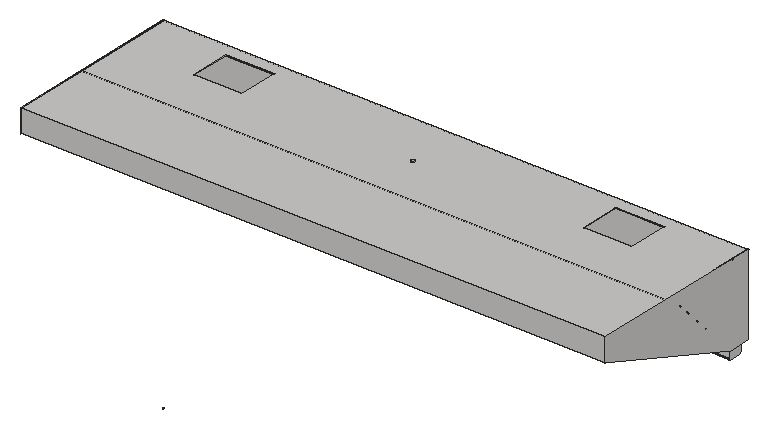
Revit family "QF_ELECTROLUXPROFESSIONAL_644218_AMPV1136DT", category Attrezzature speciali, Revit 2021
Family settings
  Quota connettore circolare = Usa diametro
  Tipo di parte = Normale
  Basato su piano di lavoro = No
  Sempre verticale = Sì
  Taglio con vuoti quando caricato = No
  Condiviso = No
  Punto di calcolo locali = No
Parameters (values of type "Standard")
  Weight = 114.00 kg
  Watts = 840 W
  Volts = 220 V
  URL Manufacturer = "https://www.electroluxprofessional.com/"
  URL = "https://www.electroluxprofessional.com/"
  Steam Supply Size = 0 mm
  Steam Supply Minimum Pressure = 0.0 Pa
  Steam Supply Maximum Pressure = 0.0 Pa
  Steam Consumption per Hour = 0
  Refrigeration Suction Line Size = 0 mm
  Refrigeration Liquid Line Size = 0 mm
  Refrigerant Compressor Remote = yes
  Prospetto di default = 0 mm
  Produttore = "Electrolux Professional"
  Phase = 1
  Modello = "AMPV1136DT"
  Length Actual = 3600 mm  # constant formula
  Item Number = "644218"
  Hot Water Size = 0 mm
  Height Actual = 500 mm  # constant formula
  HP = "1.1 HP"
  Gas Size = 0 mm
  Gas KW = 0
  Gas Input Pressure = 0 W
  Direct Waste Size = 0 mm
  Descrizione = "304 S/S WALL HOOD+FILTERS+FAN 3600X1100"
  Depth Actual = 1100 mm  # constant formula
  Cycle = 50 Hz
  Condensate Return Size = 0 mm
  Compressed Air Volume = 0.0 L/s
  Compressed Air Size = 0 mm
  Compressed Air Pressure = 0.0 Pa
  Cold Water Size = 0 mm
  Accessory = yes
Reference planes
  plane 1 "Center (Front/Back)": y = 0
  plane 2: z = 0
  plane 3 "Center (Left/Right)": x = 150
  plane 4 "LEFT": x = -1650
  plane 5 "RIGHT": x = 1950
  plane 6 "BACK": y = 550
  plane 7 "FRONT": y = -550
  plane 8 "Plane": z = 2000
  plane 9 "TOP": z = 2140
  plane 10 "Base": z = 1640
  plane 11: z = 1566
  plane 12 "DrainY": y = 485
  plane 13: x = -1647
  plane 14: through (0, 414.509, 1640.8) normal (0, 0.7314, 0.682)
  plane 15: y = 470
  plane 16: y = 220
  plane 17 "DrainX": x = 1830
  plane 18: x = -900
  plane 19: x = 1200
  plane 20: x = -1200
  plane 21: x = 1500
  plane 22: x = 1947
  plane 23: x = 1740
  plane 24: x = 1920
  plane 25: x = -1610
  plane 26: x = -1245
  plane 27: x = -850
  plane 28: x = 1910
  plane 29: x = 1545
  plane 30: x = 1150
  plane 31: x = -47.5
  plane 32: x = 347.5
Forms (mm)
  Extrusion 1, solid, material "QF_Finishes_Stainless Steel"
    sketch origin (-1650, 0, 0) x (0, 1, 0) y (0, 0, 1)
      loop
        line (550, 1640) -> (550, 2140) -> (-550, 2140) -> (-550, 1999.112) -> (413.973, 1640) -> (550, 1640)
    from 0 to 3
  Extrusion 2, solid, material "QF_Finishes_Stainless Steel"
    sketch origin (150, 0, 0) x (0, 1, 0) y (0, 0, 1)
      loop
        line (415.255, 1640) -> (550, 1640) -> (550, 2139.19) -> (549.2, 2139.19) -> (549.2, 1640.8) -> (415.876, 1640.8) -> (339.347, 1722.867) -> (349.609, 1732.436) -> (348.927, 1733.167) -> (337.934, 1722.917) -> (415.255, 1640)
      loop
        line (-82.203, 2139.19) -> (-82.203, 2118.6) -> (-31.047, 2118.6) -> (34.354, 2048.466) -> (46.028, 2059.352) -> (45.346, 2060.083) -> (34.403, 2049.879) -> (-30.612, 2119.6) -> (-81.203, 2119.6) -> (-81.203, 2139.19) -> (-82.203, 2139.19)
    from -1797 to 1797
  Extrusion 3, solid, material "QF_Finishes_Stainless Steel"
    sketch origin (1950, 0, 0) x (0, 1, 0) y (0, 0, 1)
      loop
        line (550, 1640) -> (550, 2140) -> (-550, 2140) -> (-550, 1999.112) -> (413.973, 1640) -> (550, 1640)
    from 0 to -3
  Extrusion 4, solid, material "QF_Finishes_Stainless Steel"
    sketch origin (150, 0, 0) x (0, 1, 0) y (0, 0, 1)
      loop
        line (-550, 2140) -> (-550, 2000) -> (-549.2, 2000) -> (-549.2, 2139.19) -> (550, 2139.19) -> (550, 2140) -> (-550, 2140)
    from -1800 to 1800
  Extrusion 5, solid, material "QF_Finishes_Stainless Steel"
    sketch origin (150, 0, 0) x (0, 1, 0) y (0, 0, 1)
      loop
        line (534, 1640) -> (436, 1640) -> (436, 1627) -> (443.5, 1627) -> (443.5, 1576)
        arc (443.5, 1576) -> (446.429, 1568.929) -> (453.5, 1566) r 10
        line (453.5, 1566) -> (516.5, 1566)
        arc (516.5, 1566) -> (523.571, 1568.929) -> (526.5, 1576) r 10
        line (526.5, 1576) -> (526.5, 1627) -> (534, 1627) -> (534, 1640)
    from 1590 to 1770
  Extrusion 6, solid, material "QF_Finishes_Stainless Steel"
    sketch origin (0, 0, 1640) x (0, 1, 0) y (-1, 0, 0)
      loop
        circle (485, -1830) r 20
    from -76 to -74
  Extrusion 7, solid, material "QF_Finished_Chrome"
    sketch origin (150, 0, 0) x (0, 1, 0) y (0, 0, 1)
      loop
        line (337.934, 1722.917) -> (341.591, 1726.327) -> (38.011, 2051.876) -> (34.354, 2048.466) -> (337.934, 1722.917)
    from -1395 to -1760
  Extrusion 8, solid, material "QF_Finished_Chrome"
    sketch origin (150, 0, 0) x (0, 1, 0) y (0, 0, 1)
      loop
        line (337.934, 1722.917) -> (341.591, 1726.327) -> (38.011, 2051.876) -> (34.354, 2048.466) -> (337.934, 1722.917)
    from -197.5 to -1000
  Extrusion 9, solid, material "QF_Finishes_Stainless Steel"
    sketch origin (150, 0, 0) x (0, 1, 0) y (0, 0, 1)
      loop
        line (337.934, 1722.917) -> (341.591, 1726.327) -> (38.011, 2051.876) -> (34.354, 2048.466) -> (337.934, 1722.917)
    from 1797 to 1760
  Extrusion 10, solid, material "QF_Finishes_Stainless Steel"
    sketch origin (150, 0, 0) x (0, 1, 0) y (0, 0, 1)
      loop
        line (341.588, 1726.324) -> (38.009, 2051.874) -> (34.354, 2048.466) -> (337.934, 1722.917) -> (341.588, 1726.324)
    from -1395 to -1000
  Extrusion 11, solid, material "QF_Finished_Chrome"
    sketch origin (150, 0, 0) x (0, 1, 0) y (0, 0, 1)
      loop
        line (341.588, 1726.324) -> (38.009, 2051.874) -> (34.354, 2048.466) -> (337.934, 1722.917) -> (341.588, 1726.324)
    from 1395 to 1760
  Extrusion 12, void
    sketch origin (0, 0, 2140) x (0, 1, 0) y (-1, 0, 0)
      loop
        line (470, 1200) -> (220, 1200) -> (220, 900) -> (470, 900) -> (470, 1200)
    from 0 to -10
  Extrusion 13, void
    sketch origin (940, 0, 2140) x (0, 1, 0) y (-1, 0, 0)
      loop
        line (470, -260) -> (220, -260) -> (220, -560) -> (470, -560) -> (470, -260)
    from 0 to -10
  Extrusion 14, solid, material "QF_Finishes_Stainless Steel"
    sketch origin (0, 0, 0) x (1, 0, 0) y (0, 1, 0)
      loop
        line (-1650, 550) -> (-1650, 549) -> (-1649, 549) -> (-1649, 550) -> (-1650, 550)
    from 0 to 1
  Extrusion 15, solid, material "QF_Finishes_Stainless Steel"
    sketch origin (150, 0, 0) x (0, 1, 0) y (0, 0, 1)
      loop
        line (337.934, 1722.917) -> (341.591, 1726.327) -> (38.011, 2051.876) -> (34.354, 2048.466) -> (337.934, 1722.917)
    from -1760 to -1797
  Extrusion 16, solid, material "QF_Finishes_Stainless Steel"
    sketch origin (150, 0, 0) x (0, 1, 0) y (0, 0, -1)
      loop
        line (341.588, -1726.324) -> (337.934, -1722.917) -> (34.354, -2048.466) -> (38.009, -2051.874) -> (341.588, -1726.324)
    from -1395 to -1000
  Extrusion 17, solid, material "QF_Finished_Chrome"
    sketch origin (150, 0, 0) x (0, 1, 0) y (0, 0, 1)
      loop
        line (337.934, 1722.917) -> (341.591, 1726.327) -> (38.011, 2051.876) -> (34.354, 2048.466) -> (337.934, 1722.917)
    from 1000 to 197.5
  Extrusion 18, solid, material "QF_Finishes_Stainless Steel"
    sketch origin (150, 0, 0) x (0, 1, 0) y (0, 0, -1)
      loop
        line (341.588, -1726.324) -> (337.934, -1722.917) -> (34.354, -2048.466) -> (38.009, -2051.874) -> (341.588, -1726.324)
    from -197.5 to 197.5
  Extrusion 19, solid, material "QF_Finishes_Stainless Steel"
    sketch origin (0, 0, 2140) x (0, 1, 0) y (-1, 0, 0)
      loop
        circle (220, -150) r 10
    from 0 to 1.6
Cuts and joins
  Extrusion 12, Extrusion 13 cuts Extrusion 4
  joined: Extrusion 2, Extrusion 4
Lines and regions (mm)
  reference lines
    curve 1: line (150, 34.354, 2048.466) -> (150, 34.354, 1888.466)
  symbolic lines, style "SpecialityEquipment", detail levels coarse
    curve 2: line (1950, 550, 2140) -> (-1650, 550, 2140)
    curve 3: line (-1650, 550, 2140) -> (-1650, -550, 2140)
    curve 4: line (1950, -550, 2140) -> (1950, 550, 2140)
    curve 5: line (-1650, -550, 2140) -> (1950, -550, 2140)
    curve 6: line (-1200, 220, 2140) -> (-900, 220, 2140)
    curve 7: line (-1200, 470, 2140) -> (-1200, 220, 2140)
    curve 8: line (-900, 470, 2140) -> (-1200, 470, 2140)
    curve 9: line (-900, 220, 2140) -> (-900, 470, 2140)
    curve 10: line (1200, 470, 2140) -> (1200, 220, 2140)
    curve 11: line (1200, 220, 2140) -> (1500, 220, 2140)
    curve 12: line (1500, 470, 2140) -> (1200, 470, 2140)
    curve 13: line (1500, 220, 2140) -> (1500, 470, 2140)
    curve 14: line (-1650, -550, 0) -> (1950, 550, 0)
    curve 15: line (1950, -550, 0) -> (-1650, 550, 0)
Dimensions and locks
  plane 4 "LEFT" to plane 5 "RIGHT" = 3600 mm
  equal spacing: plane 4 "LEFT", plane 3 "Center (Left/Right)", plane 5 "RIGHT"
  locked: plane 8 "Plane" to level at 2000
  plane 9 "TOP" to plane 8 "Plane" = 140 mm
  locked: plane 9 "TOP" to plane 10 "Base" at 500
  plane 10 "Base" to plane 11 = 74 mm
  plane 6 "BACK" to plane 12 "DrainY" = 65 mm  (x2)
  plane 4 "LEFT" to plane 13 = 3 mm
  plane 6 "BACK" to plane 15 = 80 mm
  plane 15 to plane 16 = 250 mm  (x2)
  plane 17 "DrainX" to plane 5 "RIGHT" = 120 mm
  locked: plane 18 to plane 19 at 2100
  equal spacing: plane 18, plane 3 "Center (Left/Right)", plane 19
  plane 20 to plane 18 = 300 mm
  plane 19 to plane 21 = 300 mm
  plane 22 to plane 5 "RIGHT" = 3 mm
  locked: plane 23 to plane 17 "DrainX" at 90
  locked: plane 17 "DrainX" to plane 24 at 90
  plane 6 "BACK" to plane 7 "FRONT" = 1100 mm  (x2)
  equal spacing: plane 6 "BACK", plane 1 "Center (Front/Back)", plane 7 "FRONT"
  plane 16 to plane 7 "FRONT" = 770 mm
  plane 15 to plane 6 "BACK" = 80 mm
  locked: plane 4 "LEFT" to plane 25 at 40
  locked: plane 25 to plane 26 at 365
  locked: plane 26 to plane 27 at 395
  locked: plane 28 to plane 29 at 365
  locked: plane 29 to plane 30 at 395
  locked: plane 28 to plane 5 "RIGHT" at 40
  locked: plane 31 to plane 32 at 395
  equal spacing: plane 31, plane 3 "Center (Left/Right)", plane 32
  plane 27 to plane 31 = 802.5 mm
  plane 32 to plane 30 = 802.5 mm
  aligned and locked: level to plane 2
  aligned and locked: Extrusion 2 to Extrusion 1
  aligned and locked: Extrusion 2 to Extrusion 3
  aligned and locked: plane 5 "RIGHT" to Extrusion 4
  aligned and locked: Extrusion 4 to plane 4 "LEFT"
  aligned and locked: plane 22 to Extrusion 9
  aligned and locked: plane 20 to Extrusion 12
  aligned and locked: Extrusion 12 to plane 18
  aligned and locked: Extrusion 12 to plane 16
  aligned and locked: Extrusion 12 to plane 15
  aligned and locked: Extrusion 13 to plane 21
  aligned and locked: plane 19 to Extrusion 13
  aligned and locked: Extrusion 2 to Extrusion 4
  aligned and locked: plane 24 to Extrusion 5
  aligned and locked: Extrusion 5 to plane 23
  aligned and locked: Extrusion 9 to plane 28
  aligned and locked: Extrusion 11 to plane 28
  aligned and locked: Extrusion 11 to plane 29
  aligned and locked: Extrusion 8 to plane 27
  aligned and locked: plane 27 to Extrusion 10
  aligned and locked: Extrusion 10 to plane 26
  aligned and locked: plane 26 to Extrusion 7
  aligned and locked: Extrusion 7 to plane 25
  aligned and locked: Extrusion 15 to plane 13
  aligned and locked: plane 25 to Extrusion 15
  aligned and locked: Extrusion 16 to plane 30
  aligned and locked: Extrusion 16 to plane 29
  aligned and locked: Extrusion 3 to plane 22
  aligned and locked: plane 31 to Extrusion 8
  aligned and locked: Extrusion 17 to plane 30
  aligned and locked: Extrusion 17 to plane 32
  aligned and locked: plane 32 to Extrusion 18
  aligned and locked: Extrusion 18 to plane 31
Automatic sketch dimensions
  curve 5 to plane 4 "LEFT" = 0 mm
  curve 5 to plane 7 "FRONT" = 0 mm
  curve 9 to plane 16 = 0 mm
  curve 10 to plane 16 = 0 mm
  plane 15 to curve 8 = 0 mm
  plane 15 to curve 12 = 0 mm
  curve 3 to plane 6 "BACK" = 0 mm
  curve 5 to plane 5 "RIGHT" = 0 mm
  curve 11 to plane 21 = 0 mm
  curve 10 to plane 19 = 0 mm
  curve 6 to plane 18 = 0 mm
  curve 6 to plane 20 = 0 mm
  Extrusion 1 sketch curve to plane 7 "FRONT" = 0 mm
  Extrusion 1 sketch curve to plane 10 "Base" = 0 mm
  Extrusion 1 sketch curve to plane 6 "BACK" = 0 mm
  Extrusion 1 sketch curve to plane 9 "TOP" = 0 mm
  plane 15 to Extrusion 1 sketch curve = 56.027 mm
  Extrusion 1 sketch curve to plane 8 "Plane" = 0.888 mm
  Extrusion 2 sketch curve to plane 14 = 0 mm  (x3)
  Extrusion 2 sketch curve to plane 10 "Base" = 0 mm
  plane 14 to Extrusion 2 sketch curve = 0 mm
  Extrusion 2 sketch curve to plane 6 "BACK" = 0 mm
  Extrusion 2 sketch curve to Extrusion 2 sketch curve = 65.646 mm
  Extrusion 2 sketch curve to Extrusion 2 sketch curve = 0.682 mm  (x2)
  Extrusion 2 sketch curve to Extrusion 2 sketch curve = 10.261 mm
  plane 10 "Base" to Extrusion 2 sketch curve = 82.917 mm
  Extrusion 2 sketch curve to plane 1 "Center (Front/Back)" = 46.028 mm
  Extrusion 2 sketch curve to Extrusion 2 sketch curve = 10.942 mm
  Extrusion 2 sketch curve to Extrusion 2 sketch curve = 0.049 mm
  Extrusion 2 sketch curve to plane 9 "TOP" = 20.4 mm
  Extrusion 2 sketch curve to plane 9 "TOP" = 21.4 mm
  Extrusion 2 sketch curve to plane 9 "TOP" = 0.81 mm  (x2)
  Extrusion 2 sketch curve to Extrusion 2 sketch curve = 50.156 mm
  Extrusion 2 sketch curve to Extrusion 2 sketch curve = 1 mm
  plane 10 "Base" to Extrusion 2 sketch curve = 0.8 mm
  Extrusion 2 sketch curve to plane 6 "BACK" = 0.8 mm
  Extrusion 3 sketch curve to plane 7 "FRONT" = 0 mm
  Extrusion 3 sketch curve to plane 10 "Base" = 0 mm
  Extrusion 3 sketch curve to plane 6 "BACK" = 0 mm
  Extrusion 3 sketch curve to plane 9 "TOP" = 0 mm
  plane 15 to Extrusion 3 sketch curve = 56.027 mm
  Extrusion 3 sketch curve to plane 8 "Plane" = 0.888 mm
  Extrusion 4 sketch curve to plane 7 "FRONT" = 0 mm
  Extrusion 4 sketch curve to plane 8 "Plane" = 0 mm
  Extrusion 4 sketch curve to plane 6 "BACK" = 0 mm
  Extrusion 4 sketch curve to plane 9 "TOP" = 0 mm
  plane 7 "FRONT" to Extrusion 4 sketch curve = 0.8 mm
  Extrusion 4 sketch curve to plane 9 "TOP" = 0.81 mm
  curve 1 to plane 14 = 0 mm
  curve 1 to plane 1 "Center (Front/Back)" = 34.354 mm
  curve 1 to plane 8 "Plane" = 111.534 mm
  Extrusion 5 sketch curve to plane 10 "Base" = 0 mm
  Extrusion 5 sketch curve to plane 11 = 0 mm
  Extrusion 5 sketch curve to plane 10 "Base" = 13 mm  (x2)
  plane 15 to Extrusion 5 sketch curve = 34 mm
  Extrusion 5 sketch curve to Extrusion 5 sketch curve = 7.5 mm  (x2)
  Extrusion 5 sketch curve to Extrusion 5 sketch curve = 10 mm
  plane 12 "DrainY" to Extrusion 5 sketch curve = 31.5 mm
  Extrusion 5 sketch curve to plane 6 "BACK" = 23.5 mm
  Extrusion 6 sketch curve to plane 12 "DrainY" = 0 mm
  Extrusion 6 sketch curve to plane 17 "DrainX" = 0 mm
  Extrusion 7 sketch curve to plane 14 = 0 mm  (x2)
  Extrusion 7 sketch curve to plane 1 "Center (Front/Back)" = 34.354 mm
  Extrusion 7 sketch curve to Extrusion 7 sketch curve = 3.657 mm
  plane 10 "Base" to Extrusion 7 sketch curve = 82.917 mm
  Extrusion 8 sketch curve to plane 14 = 0 mm  (x2)
  Extrusion 8 sketch curve to plane 1 "Center (Front/Back)" = 34.354 mm
  Extrusion 8 sketch curve to Extrusion 8 sketch curve = 3.657 mm
  plane 10 "Base" to Extrusion 8 sketch curve = 82.917 mm
  Extrusion 9 sketch curve to plane 14 = 0 mm  (x2)
  Extrusion 9 sketch curve to plane 1 "Center (Front/Back)" = 34.354 mm
  Extrusion 9 sketch curve to Extrusion 9 sketch curve = 3.657 mm
  plane 10 "Base" to Extrusion 9 sketch curve = 82.917 mm
  Extrusion 10 sketch curve to plane 14 = 0 mm  (x2)
  Extrusion 10 sketch curve to plane 1 "Center (Front/Back)" = 34.354 mm
  Extrusion 10 sketch curve to Extrusion 10 sketch curve = 3.655 mm
  plane 10 "Base" to Extrusion 10 sketch curve = 82.917 mm
  Extrusion 11 sketch curve to plane 14 = 0 mm  (x2)
  Extrusion 11 sketch curve to plane 1 "Center (Front/Back)" = 34.354 mm
  Extrusion 11 sketch curve to Extrusion 11 sketch curve = 3.655 mm
  plane 10 "Base" to Extrusion 11 sketch curve = 82.917 mm
  Extrusion 12 sketch curve to plane 16 = 0 mm
  plane 15 to Extrusion 12 sketch curve = 0 mm
  Extrusion 12 sketch curve to plane 18 = 0 mm
  Extrusion 12 sketch curve to plane 20 = 0 mm
  Extrusion 13 sketch curve to plane 16 = 0 mm
  plane 15 to Extrusion 13 sketch curve = 0 mm
  Extrusion 13 sketch curve to plane 21 = 0 mm
  Extrusion 13 sketch curve to plane 19 = 0 mm
  Extrusion 14 sketch curve to plane 4 "LEFT" = 0 mm
  Extrusion 14 sketch curve to plane 6 "BACK" = 0 mm
  plane 4 "LEFT" to Extrusion 14 sketch curve = 1 mm
  Extrusion 14 sketch curve to Extrusion 14 sketch curve = 1 mm
  Extrusion 15 sketch curve to plane 14 = 0 mm  (x2)
  Extrusion 15 sketch curve to plane 1 "Center (Front/Back)" = 34.354 mm
  Extrusion 15 sketch curve to Extrusion 15 sketch curve = 3.657 mm
  plane 10 "Base" to Extrusion 15 sketch curve = 82.917 mm
  Extrusion 16 sketch curve to plane 14 = 0 mm  (x2)
  Extrusion 16 sketch curve to plane 1 "Center (Front/Back)" = 34.354 mm
  Extrusion 16 sketch curve to Extrusion 16 sketch curve = 3.655 mm
  plane 10 "Base" to Extrusion 16 sketch curve = 82.917 mm
  Extrusion 17 sketch curve to plane 14 = 0 mm  (x2)
  Extrusion 17 sketch curve to plane 1 "Center (Front/Back)" = 34.354 mm
  Extrusion 17 sketch curve to Extrusion 17 sketch curve = 3.657 mm
  plane 10 "Base" to Extrusion 17 sketch curve = 82.917 mm
  Extrusion 18 sketch curve to plane 14 = 0 mm  (x2)
  Extrusion 18 sketch curve to plane 1 "Center (Front/Back)" = 34.354 mm
  Extrusion 18 sketch curve to Extrusion 18 sketch curve = 3.655 mm
  plane 10 "Base" to Extrusion 18 sketch curve = 82.917 mm
  curve 15 to plane 4 "LEFT" = 0 mm
  curve 14 to plane 4 "LEFT" = 0 mm
  curve 15 to plane 5 "RIGHT" = 0 mm
  curve 14 to plane 5 "RIGHT" = 0 mm
  curve 15 to plane 7 "FRONT" = 0 mm
  curve 14 to plane 7 "FRONT" = 0 mm
  curve 15 to plane 6 "BACK" = 0 mm
  curve 14 to plane 6 "BACK" = 0 mm
  Extrusion 19 sketch curve to plane 3 "Center (Left/Right)" = 0 mm
  Extrusion 19 sketch curve to plane 16 = 0 mm
  radius of Extrusion 6 sketch curve = 20 mm
  radius of Extrusion 19 sketch curve = 10 mm
Connectors
  piping at (1830, 485, 1564), diameter 20
    settings: on Extrusion 6, index 1, connector inside diameter 609.6 mm, connector length 0 mm, flow factor 0, pipe flow 0.0 L/s, pressure drop 0.0 Pa, fitting loss kfactor 0, connector angle 0.00°, fixture units 0, engagement length 0 mm, angle of deflection 0.00°, flow configuration 1, flow direction 2, fitting loss method 0, system type 16, joint type 0, gender type 0, connector reference index -1, connector utility 0, adjustable connector no, is connector primary yes, connector description "Drain"
  hvac at (-1050, 345, 2140)
    settings: on Extrusion 12, index 2, duct flow 0.0 L/s, flow factor 0, pres drop 0.0 Pa, loss coef 0, conn angle 0.00°, conn width 250 mm, conn height 300 mm, conn diameter 609.6 mm, duct sys type 3, conn prof type 1, flow config 1, flow direction 2, loss method 0, conn ref index -1, conn util no, is conn primary yes, conn desc "EXHAUST OUTLET"
  hvac at (1350, 345, 2140)
    settings: on Extrusion 13, index 3, duct flow 0.0 L/s, flow factor 0, pres drop 0.0 Pa, loss coef 0, conn angle 0.00°, conn width 250 mm, conn height 300 mm, conn diameter 609.6 mm, duct sys type 3, conn prof type 1, flow config 1, flow direction 2, loss method 0, conn ref index -1, conn util no, is conn primary no, conn desc "EXHAUST OUTLET"
  electrical at (150, 220, 2140), driven by "Volts"
    settings: on Extrusion 19, index 4, voltage 220 V, apparent load 0 VA, apparent load phase1 0 VA, apparent load phase2 0 VA, apparent load phase3 0 VA, power factor 1, load classification "Other", number of poles 1, system type 30, power factor state 1, is connector primary yes, connector utility no, sub classification motor no, connector description "Electrical Connection"
